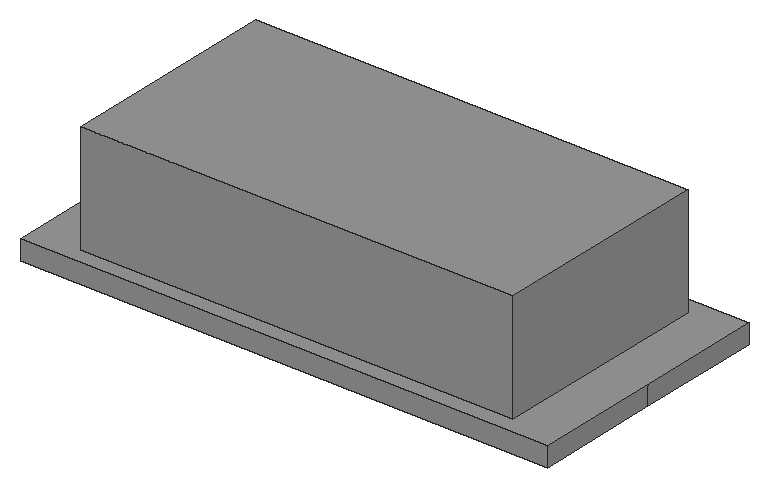
Revit family "Trane_TVR_Indoor_2-way Cassette_4TVG0007(09,12,15)EF000AA(2nd DC)", category Equipamento mecânico, Revit 2019
Family settings
  Cota do conector redondo = Utilizar diâmetro
  Tipo de parte = Normal
  Número OmniClass = 23.75.00.00
  Título OmniClass = Climate Control (HVAC)
  Com base no plano de trabalho = Não
  Sempre na vertical = Sim
  Corte com vazios quando carregada = Não
  Compartilhado = Não
  Ponto de cálculo do ambiente = Não
Parameters (values of type "4TVG0015EF000AA")
  clearance access right = 100.000 mm
  clearance access left = 100.000 mm
  clearance access front = 1500.000 mm
  clearance access behind = 1500.000 mm
  clearance [instance] = no
  Width = 1172.000 mm
  URL = ""
  Series = "TVR"
  Power supply = "220-240V, 50/60Hz"
  Panel color = "SB2014"
  Net Weight = 35.00 kg
  Modelo = "4TVG0015EF000AA"
  Minimum Circuit Amps = 0.590 A
  Maximum Fuse Amps = 15.000 A
  Fabricante = "Trane"
  Machine material = grilles：ABS/HIPS
  Liquid pipe = 6.350 mm
  Installation = "Indoor installation"
  Height = 299.000 mm
  Heating Power Input = 50 W
  Heating Capacity = 5 kW
  Gas pipe = 12.700 mm
  Gas = "R410a"
  Drain pipe = 32.000 mm
  Descrição = "High efficiency air cooled"
  Depth = 591.000 mm
  Cooling Power Input = 50 W
  Cooling Capacity = 4.5 kW
  Condensation = "air"
  Air Flow = "850/792/731/670/631/592/550m3/h"
Types (5, lengths in mm): name | URL | Series | Net Weight | Modelo | Minimum Circuit Amps | Heating Power Input | Heating Capacity | Cooling Power Input | Cooling Capacity | Air Flow
  (no name) | "" | "TVR" | 35.00 kg | "4TVG0015EF000AA" | 0.590 A | 50 W | 5 kW | 50 W | 4.5 kW | "850/792/731/670/631/592/550m3/h"
  4TVG0007EF000AA | "https://www.trane.com/commercial/latin-america/br/pt.html" | "TVR ULTRA" | 33.50 kg | "4TVG0007EF000AA" | 0.470 A | 35 W | 2.6 kW | 35 W | 2.2 kW | "654/612/571/530/488/449/410m3/h"
  4TVG0009EF000AA | "https://www.trane.com/commercial/latin-america/br/pt.html" | "TVR ULTRA" | 33.50 kg | "4TVG0009EF000AA" | 0.470 A | 40 W | 3.2 kW | 40 W | 2.8 kW | "654/612/571/530/488/449/410m3/h"
  4TVG0012EF000AA | "https://www.trane.com/commercial/latin-america/br/pt.html" | "TVR ULTRA" | 33.50 kg | "4TVG0012EF000AA" | 0.520 A | 40 W | 4 kW | 40 W | 3.6 kW | "725/679/641/591/554/509/458m3/h"
  4TVG0015EF000AA | "" | "TVR" | 35.00 kg | "4TVG0015EF000AA" | 0.590 A | 50 W | 5 kW | 50 W | 4.5 kW | "850/792/731/670/631/592/550m3/h"
Reference planes
  plane 1 "中心(前/后)": y = 0
  plane 2: z = 0
  plane 3 "中心(左/右)": x = 0
Forms (mm)
  Extrusion 1, solid, material "grilles：ABS/HIPS" <- "Machine material", detail levels medium+fine
    sketch origin (0, 0, 0) x (1, 0, 0) y (0, 1, 0)
      loop
        line (715, 0) -> (715, 340) -> (-715, 340) -> (-715, -340) -> (715, -340) -> (715, 0)
    from 0 to 53
  Extrusion 2, solid, material "grilles：ABS/HIPS" <- "Machine material", detail levels medium+fine
    sketch origin (0, 0, 0) x (1, 0, 0) y (0, 1, 0)
      loop
        line (0, 295.5) -> (-586, 295.5) -> (-586, -295.5) -> (586, -295.5) -> (586, 295.5) -> (0, 295.5)
    from 352 to 53
  Extrusion 3, solid, material "grilles：ABS/HIPS" <- "Machine material", detail levels fine
    sketch origin (0, 0, 0) x (0, 1, 0) y (0, 0, 1)
      loop
        circle (50, 180) r 3.175
    from -586 to -643
  Extrusion 4, solid, material "grilles：ABS/HIPS" <- "Machine material", detail levels fine
    sketch origin (0, 0, 0) x (0, 1, 0) y (0, 0, 1)
      loop
        circle (-50, 180) r 6.35
    from -586 to -643
  Extrusion 5, solid, material "grilles：ABS/HIPS" <- "Machine material", detail levels fine
    sketch origin (0, 0, 0) x (0, 1, 0) y (0, 0, 1)
      loop
        circle (-175.089, 281.549) r 16
    from -586 to -643
Lines and regions (mm)
  model lines, detail levels fine
    curve 1: line (-650, -160, 0) -> (650, -160, 0)
    curve 2: line (650, -160, 0) -> (650, 160, 0)
    curve 3: line (650, 160, 0) -> (-650, 160, 0)
    curve 4: line (-650, 160, 0) -> (-650, -160, 0)
    curve 5: line (-650, -120, 0) -> (650, -120, 0)
    curve 6: line (-650, -80, 0) -> (650, -80, 0)
    curve 7: line (-650, -40, 0) -> (650, -40, 0)
    curve 8: line (-650, 0, 0) -> (650, 0, 0)
    curve 9: line (-650, 40, 0) -> (650, 40, 0)
    curve 10: line (-650, 80, 0) -> (650, 80, 0)
    curve 11: line (-650, 120, 0) -> (650, 120, 0)
    curve 12: line (650, 220, 0) -> (650, 300, 0)
    curve 13: line (650, 300, 0) -> (-650, 300, 0)
    curve 14: line (-650, 300, 0) -> (-650, 220, 0)
    curve 15: line (-650, 220, 0) -> (650, 220, 0)
    curve 16: line (650, -208.962, 0) -> (-650, -208.962, 0)
    curve 17: line (-650, -208.962, 0) -> (-650, -288.962, 0)
    curve 18: line (-650, -288.962, 0) -> (650, -288.962, 0)
    curve 19: line (650, -288.962, 0) -> (650, -208.962, 0)
  model lines
    curve 20: line (586, 295.5, 352) -> (586, -295.5, 352)
    curve 21: line (586, -295.5, 352) -> (-586, -295.5, 352)
    curve 22: line (-586, -295.5, 352) -> (-586, 295.5, 352)
    curve 23: line (-586, 295.5, 352) -> (586, 295.5, 352)
    curve 24: line (586, 295.5, 53) -> (586, -295.5, 53)
    curve 25: line (586, -295.5, 53) -> (-586, -295.5, 53)
    curve 26: line (-586, -295.5, 53) -> (-586, 295.5, 53)
    curve 27: line (-586, 295.5, 53) -> (586, 295.5, 53)
    curve 28: line (715, 340, 53) -> (715, -340, 53)
    curve 29: line (715, -340, 53) -> (-715, -340, 53)
    curve 30: line (-715, -340, 53) -> (-715, 340, 53)
    curve 31: line (-715, 340, 53) -> (715, 340, 53)
    curve 32: line (-586, 295.5, 352) -> (-586, 295.5, 53)
    curve 33: line (-586, -295.5, 53) -> (-586, -295.5, 352)
    curve 34: line (586, -295.5, 53) -> (586, -295.5, 352)
    curve 35: line (586, 295.5, 53) -> (586, 295.5, 352)
    curve 36: line (715, -340, 0) -> (715, 340, 0)
    curve 37: line (715, 340, 0) -> (-715, 340, 0)
    curve 38: line (-715, 340, 0) -> (-715, -340, 0)
    curve 39: line (-715, -340, 0) -> (715, -340, 0)
    curve 40: line (715, 340, 53) -> (715, 340, 0)
    curve 41: line (715, -340, 53) -> (715, -340, 0)
    curve 42: line (-715, 340, 53) -> (-715, 340, 0)
    curve 43: line (-715, -340, 53) -> (-715, -340, 0)
Dimensions and locks
  "Width": Extrusion 2 to Extrusion 2
  "Depth": Extrusion 2 to Extrusion 2
  "Height": Extrusion 2 to Extrusion 2
  "Gas pipe": diameter of Extrusion 4
  "Liquid pipe": diameter of Extrusion 3
  aligned and locked: level to plane 2
Automatic sketch dimensions
  plane 1 "中心(前/后)" to Extrusion 1 sketch curve = 0.000 mm
  plane 1 "中心(前/后)" to Extrusion 1 sketch curve = 340.000 mm
  Extrusion 1 sketch curve to plane 1 "中心(前/后)" = 340.000 mm
  Extrusion 2 sketch curve to plane 3 "中心(左/右)" = 0.000 mm
  plane 1 "中心(前/后)" to Extrusion 2 sketch curve = 295.500 mm
  Extrusion 2 sketch curve to plane 1 "中心(前/后)" = 295.500 mm
  Extrusion 3 sketch curve to plane 1 "中心(前/后)" = 50.000 mm
  level to Extrusion 3 sketch curve = 180.000 mm
  plane 1 "中心(前/后)" to Extrusion 4 sketch curve = 50.000 mm
  level to Extrusion 4 sketch curve = 180.000 mm
  plane 1 "中心(前/后)" to Extrusion 5 sketch curve = 175.089 mm
  level to Extrusion 5 sketch curve = 281.549 mm
  Extrusion 1 sketch curve to plane 3 "中心(左/右)" = 715.000 mm
  Extrusion 2 sketch curve to plane 3 "中心(左/右)" = 586.000 mm
  plane 3 "中心(左/右)" to Extrusion 1 sketch curve = 715.000 mm
  plane 3 "中心(左/右)" to Extrusion 2 sketch curve = 586.000 mm
  Extrusion 2 to curve 21 = 0.000 mm
  curve 23 to Extrusion 2 = 0.000 mm  (x2)
  curve 20 to Extrusion 2 = 0.000 mm
  Extrusion 1 to curve 28 = 0.000 mm
  curve 28 to Extrusion 1 = 0.000 mm  (x2)
  curve 25 to Extrusion 1 = 44.500 mm
  curve 31 to Extrusion 1 = 0.000 mm
  curve 27 to Extrusion 1 = 44.500 mm
  curve 27 to Extrusion 1 = 129.000 mm  (x2)
  curve 33 to Extrusion 2 = 0.000 mm  (x2)
  curve 32 to Extrusion 2 = 0.000 mm  (x3)
  Extrusion 2 to curve 33 = 0.000 mm
  curve 35 to Extrusion 2 = 0.000 mm  (x2)
  curve 34 to Extrusion 2 = 0.000 mm  (x3)
  Extrusion 2 to curve 35 = 0.000 mm
  Extrusion 1 to curve 36 = 0.000 mm
  curve 39 to Extrusion 1 = 0.000 mm  (x3)
  Extrusion 1 to curve 15 = 65.000 mm
  curve 3 to curve 14 = 0.000 mm
  curve 16 to curve 1 = 0.000 mm
  Extrusion 1 to curve 19 = 65.000 mm
  Extrusion 1 to curve 3 = 65.000 mm
  curve 15 to curve 2 = 0.000 mm
  Extrusion 1 to curve 12 = 40.000 mm
  curve 12 to curve 12 = 80.000 mm
  curve 4 to curve 14 = 60.000 mm
  Extrusion 1 to curve 1 = 180.000 mm
  curve 16 to curve 1 = 48.962 mm
  Extrusion 1 to curve 18 = 51.038 mm
  curve 1 to curve 5 = 40.000 mm
  curve 5 to curve 6 = 40.000 mm
  curve 6 to curve 7 = 40.000 mm
  curve 7 to curve 8 = 40.000 mm
  curve 8 to curve 9 = 40.000 mm
  curve 9 to curve 10 = 40.000 mm
  curve 10 to curve 11 = 40.000 mm
  curve 41 to Extrusion 1 = 0.000 mm  (x2)
  curve 40 to Extrusion 1 = 0.000 mm  (x2)
  Extrusion 1 to curve 40 = 0.000 mm
  curve 41 to Extrusion 1 = 340.000 mm
  curve 42 to Extrusion 1 = 0.000 mm  (x3)
  curve 43 to Extrusion 1 = 0.000 mm  (x2)
  Extrusion 1 to curve 43 = 0.000 mm
  radius of Extrusion 3 sketch curve = 3.175 mm
  radius of Extrusion 4 sketch curve = 6.350 mm
  radius of Extrusion 5 sketch curve = 16.000 mm
Connectors
  piping at (-643, -175.089, 281.549), diameter 32
    settings: on Extrusion 5, index 5, connector inside diameter 32 mm, connector length 0.000 mm, flow factor 0, pipe flow 0.0 m³/h, pressure drop 0.0 Pa, fitting loss kfactor 0, connector angle 0.00°, fixture units 0, engagement length 0.000 mm, angle of deflection 0.00°, flow configuration 1, flow direction 2, fitting loss method 0, system type 29, joint type 0, gender type 0, connector reference index -1, connector utility 0, adjustable connector no, is connector primary yes, connector description "Drain pipe OD Φ 32mm"
  piping at (-643, -50, 180), diameter 12.7
    settings: on Extrusion 4, index 6, connector inside diameter 12.7 mm, connector length 0.000 mm, flow factor 0, pipe flow 0.0 m³/h, pressure drop 0.0 Pa, fitting loss kfactor 0, connector angle 0.00°, fixture units 0, engagement length 0.000 mm, angle of deflection 0.00°, flow configuration 1, flow direction 0, fitting loss method 4, system type 22, joint type 0, gender type 0, connector reference index -1, connector utility 0, adjustable connector no, is connector primary no, connector description "Gas pipe Φ12.7mm"
  piping at (-643, 50, 180), diameter 6.35
    settings: on Extrusion 3, index 7, connector inside diameter 6.35 mm, connector length 0.000 mm, flow factor 0, pipe flow 0.0 m³/h, pressure drop 0.0 Pa, fitting loss kfactor 0, connector angle 0.00°, fixture units 0, engagement length 0.000 mm, angle of deflection 0.00°, flow configuration 1, flow direction 0, fitting loss method 4, system type 22, joint type 0, gender type 0, connector reference index -1, connector utility 0, adjustable connector no, is connector primary no, connector description "Liquid pipe Φ6.35mm"
  electrical at (-586, 0, 202.5)
    settings: on Extrusion 2, index 8, voltage 220 V, apparent load 0 VA, apparent load phase1 0 VA, apparent load phase2 0 VA, apparent load phase3 0 VA, power factor 1, load classification "Power", number of poles 1, system type 30, power factor state 1, is connector primary yes, connector utility no, sub classification motor no, connector description "The location of  electrical connectors is not the same as the actual location because the wiring terminal is inside the unit."
